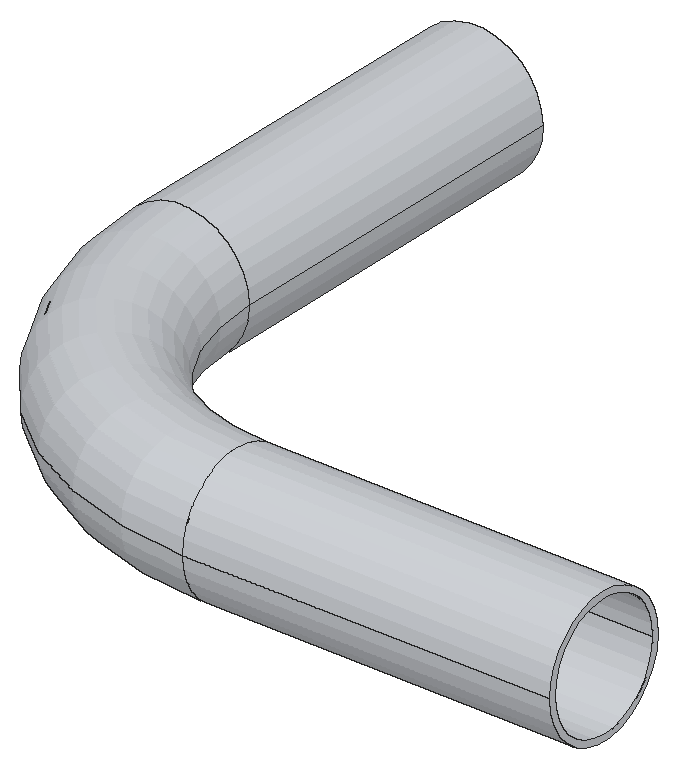
Revit family "SB1B", category Generic Models, Revit 2017
Family settings
  Can host rebar = No
  Round Connector Dimension = Use Diameter
  Part Type = Normal
  Work Plane-Based = Yes
  Always vertical = No
  Cut with Voids When Loaded = No
  Shared = No
  Room Calculation Point = No
Parameters (values of type "NBS Standard Parameters")
  Weight = "0.286Kg"
  WarrantyStartDate [instance] = "1900-12-31T23:59:59"
  WarrantyGuarantorParts = "n/a"
  WarrantyGuarantorLabor = "n/a"
  WarrantyDurationUnit = "year"
  WarrantyDurationParts = "n/a"
  WarrantyDurationLabor = "n/a"
  WarrantyDescription = "n/a"
  Version = "1"
  Uniclass2 = "Pr_65_70_11_20"
  TagNumber [instance] = "n/a"
  SustainabilityPerformance = "n/a"
  Size = "20mm"
  Shape = "n/a"
  SerialNumber [instance] = "n/a"
  Revision = "n/a"
  ReplacementCost = "n/a"
  ProductInformation = "www.metpro.co.uk/pdf/sb1g.pdf"
  NominalWidth = 105 mm
  NominalLength = 105 mm
  NominalHeight = 24 mm
  Name = ""
  NBSTypeID = ""
  NBSReference = "90-55-10/460"
  NBSOfficeMasterTag = ""
  NBSNote = ""
  NBSDescription = "Conduit Fittings"
  NBSCertification = ""
  ModelReference = "SB1B"
  ModelNumber = "n/a"
  Material = "Steel"
  ManufacturerURL = "www.metpro.co.uk"
  ManufacturerName = "Metpro Ltd"
  InstallationDate [instance] = "1900-12-31T23:59:59"
  IfcExportType = ""
  IfcExportAs = ""
  Grade = "n/a"
  Finish = "Black"
  Features = "n/a"
  ExpectedLife = "n/a"
  DurationUnit = "year"
  Description = "SB1B - 20mm Conduit Solid Bend"
  Default Elevation = 1219.2 mm
  Constituents = "n/a"
  Color = "n/a"
  CodePerformance = "n/a"
  Category = "n/a"
  BarCode [instance] = "n/a"
  BIMObjectName = "Metpro-metprolibrary_conduitfittings_metalcomponent_steelaccessories"
  Author = "Metpro Ltd"
  AssetType = ""
  AssetIdentifier [instance] = "n/a"
  AccessibilityPerformance = "n/a"
Reference planes
  plane 1 "Center (Front/Back)": y = 0
  plane 2: z = 0
  plane 3 "Center (Left/Right)": x = 0
Forms (mm)
  Sweep 1, solid
    path origin (10.708, -21.175, -13.987) x (1, 0, 0) y (0, 1, 0)
      loop
        line (-10.708, 71.987) -> (-10.708, 11.987)
        arc (-10.708, 11.987) -> (2.473, -19.833) -> (34.292, -33.013) r 45
        line (34.292, -33.013) -> (94.292, -33.013)
    profile origin (0, 20.812, -13.987) x (1, 0, 0) y (0, 0, 1)
      loop
        circle (0, 0) r 10
      loop
        circle (0, 0) r 11
Dimensions and locks
  aligned and locked: level to plane 2
